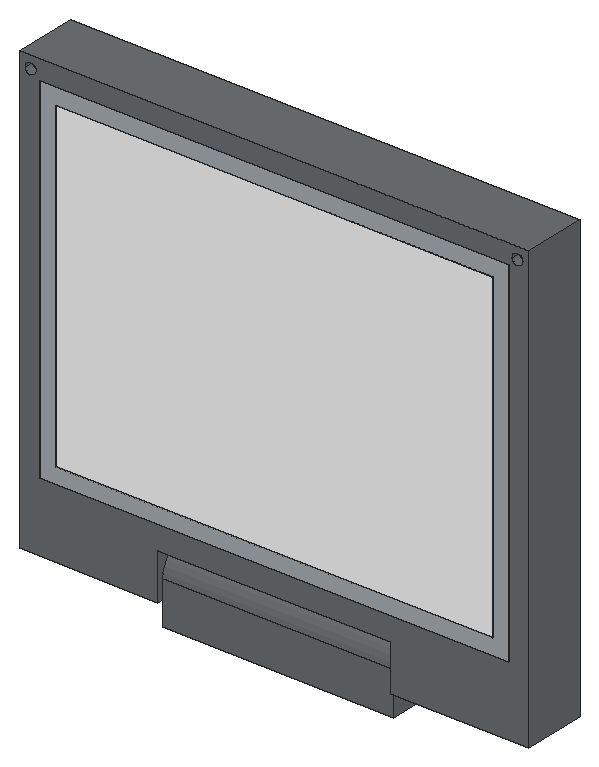
Revit family "Thorn AXYL FLOOD", category Lighting Fixtures, host Face, Revit 2023
Family settings
  Host = Face
  Round Connector Dimension = Use Diameter
  Part Type = Normal
  Cut with Voids When Loaded = No
  Light Source = No
  Maintain Annotation Orientation = No
  Shared = No
  Room Calculation Point = Yes
Parameters (values of type "AXYL FLOOD M 126L 927 AS HFX ANT")
  Wattage = "39.6"
  URL = "https://www.thornlighting.com/96801570"
  Type Image = TLG_AXYL_F_FLOOD_F_M_126L_ANT.jpg
  Type IFC Predefined Type = "DIRECTIONSOURCE"
  Type Comments = ""
  Photometric Type = Thorn-Light Sources-Axyl-Flood : AXYL FLOOD M 126L 927 AS HFX ANT
  Housing S = no
  Housing M = yes
  Power Factor = 0.97
  Power = 20.4 VA
  Model = "96801570"
  Material Housing = Zumtobel-Aluminium-RAL 7016-Anthracite Grey
  Manufacturer = "Thorn Lighting"  # constant formula
  Luminaire Width = if(Housing S, 220 mm, if(Housing M, 320 mm, 220 mm))  # 320 mm
  Luminaire Length = if(Housing S, 220 mm, if(Housing M, 295 mm, 220 mm))  # 295 mm
  Luminaire Height = if(Housing S, 34 mm, if(Housing M, 40 mm, 34 mm))  # 40 mm
  Lamp = "LED"  # constant formula
  Keynote = ""
  Export Type to IFC As = "IfcLightFixtureType"
  Efficacy = 121 lm/W
  Description = "Compact asymmetrical LED floodligh"  # constant formula
  Default Elevation = 0 mm  # constant formula
  D = 0 mm - (Luminaire Height / 2 + 0.5 mm)  # -20.5 mm
  Current = 0.5 A
  Body Type = if(Housing S, Axyl Flood Type S, if(Housing M, Axyl Flood Type M, Axyl Flood Type S))  # Axyl Flood Body : Axyl Flood M
  Axyl Flood Type S = Axyl Flood Body : Axyl Flood S
  Axyl Flood Type M = Axyl Flood Body : Axyl Flood M
  Axyl Flood Arm S = Axyl Flood Rotating Arm : Axyl Flood Arm S
  Axyl Flood Arm M = Axyl Flood Rotating Arm : Axyl Flood Arm M
  Assembly Code = "Pr_70_70_48_73"
  Arm Type = if(Housing S, Axyl Flood Arm S, if(Housing M, Axyl Flood Arm M, Axyl Flood Arm S))  # Axyl Flood Rotating Arm : Axyl Flood Arm M
  Apparent Load = Power / Power Factor  # 21.0309 VA
  Angle of Rotation [instance] = 0.00°
  Angle [instance] = if(Angle of Rotation + 90.00° > 180.00°, 180.00°, if(Angle of Rotation + 90.00° < 0.00°, 0.00°, Angle of Rotation + 90.00°))  # 90.00°
Types (24, lengths in mm): name | Wattage | URL | Type Image | Photometric Type | Housing S | Housing M | Model | Material Housing | Luminaire Width | Luminaire Length | Luminaire Height | D | Body Type | Arm Type
  AXYL FLOOD S 56L 927 AS HFX ANT | "18.6" | "https://www.thornlighting.com/96801558" | TLG_AXYL_F_FLOOD_F_S_56L_ANT.jpg | Thorn-Light Sources-Axyl-Flood : AXYL FLOOD S 56L 927 AS HFX ANT | yes | no | "96801558" | Zumtobel-Aluminium-RAL 7016-Anthracite Grey | 220 | 220 | 34 | -17.5 | Axyl Flood Body : Axyl Flood S | Axyl Flood Rotating Arm : Axyl Flood Arm S
  AXYL FLOOD S 56L 927 AS HFX BK | "18.6" | "https://www.thornlighting.com/96801556" | TLG_AXYL_F_FLOOD_F_S_56L_BK.jpg | Thorn-Light Sources-Axyl-Flood : AXYL FLOOD S 56L 927 AS HFX BK | yes | no | "96801556" | Thorn-Aluminium-RAL 9005-Jet Black | 220 | 220 | 34 | -17.5 | Axyl Flood Body : Axyl Flood S | Axyl Flood Rotating Arm : Axyl Flood Arm S
  AXYL FLOOD S 56L 927 AS HFX GY | "18.6" | "https://www.thornlighting.com/96801557" | TLG_AXYL_F_FLOOD_F_S_56L_GY.jpg | Thorn-Light Sources-Axyl-Flood : AXYL FLOOD S 56L 927 AS HFX GY | yes | no | "96801557" | Thorn-Aluminium-RAL 9006-White Aluminium | 220 | 220 | 34 | -17.5 | Axyl Flood Body : Axyl Flood S | Axyl Flood Rotating Arm : Axyl Flood Arm S
  AXYL FLOOD S 56L 927 AS HFX WH | "18.6" | "https://www.thornlighting.com/96801555" | TLG_AXYL_F_FLOOD_F_S_56L_WH.jpg | Thorn-Light Sources-Axyl-Flood : AXYL FLOOD S 56L 927 AS HFX WH | yes | no | "96801555" | Thorn-Aluminium-RAL 9016-Traffic White | 220 | 220 | 34 | -17.5 | Axyl Flood Body : Axyl Flood S | Axyl Flood Rotating Arm : Axyl Flood Arm S
  AXYL FLOOD S 56L 930 AS HFX ANT | "18.6" | "https://www.thornlighting.com/96801566" | TLG_AXYL_F_FLOOD_F_S_56L_ANT.jpg | Thorn-Light Sources-Axyl-Flood : AXYL FLOOD S 56L 930 AS HFX ANT | yes | no | "96801566" | Zumtobel-Aluminium-RAL 7016-Anthracite Grey | 220 | 220 | 34 | -17.5 | Axyl Flood Body : Axyl Flood S | Axyl Flood Rotating Arm : Axyl Flood Arm S
  AXYL FLOOD S 56L 930 AS HFX BK | "18.6" | "https://www.thornlighting.com/96801564" | TLG_AXYL_F_FLOOD_F_S_56L_BK.jpg | Thorn-Light Sources-Axyl-Flood : AXYL FLOOD S 56L 930 AS HFX BK | yes | no | "96801564" | Thorn-Aluminium-RAL 9005-Jet Black | 220 | 220 | 34 | -17.5 | Axyl Flood Body : Axyl Flood S | Axyl Flood Rotating Arm : Axyl Flood Arm S
  AXYL FLOOD S 56L 930 AS HFX GY | "18.6" | "https://www.thornlighting.com/96801565" | TLG_AXYL_F_FLOOD_F_S_56L_GY.jpg | Thorn-Light Sources-Axyl-Flood : AXYL FLOOD S 56L 930 AS HFX GY | yes | no | "96801565" | Thorn-Aluminium-RAL 9006-White Aluminium | 220 | 220 | 34 | -17.5 | Axyl Flood Body : Axyl Flood S | Axyl Flood Rotating Arm : Axyl Flood Arm S
  AXYL FLOOD S 56L 930 AS HFX WH | "18.6" | "https://www.thornlighting.com/96801563" | TLG_AXYL_F_FLOOD_F_S_56L_WH.jpg | Thorn-Light Sources-Axyl-Flood : AXYL FLOOD S 56L 930 AS HFX WH | yes | no | "96801563" | Thorn-Aluminium-RAL 9016-Traffic White | 220 | 220 | 34 | -17.5 | Axyl Flood Body : Axyl Flood S | Axyl Flood Rotating Arm : Axyl Flood Arm S
  AXYL FLOOD S 56L 940 AS HFX ANT | "18.6" | "https://www.thornlighting.com/96801562" | TLG_AXYL_F_FLOOD_F_S_56L_ANT.jpg | Thorn-Light Sources-Axyl-Flood : AXYL FLOOD S 56L 940 AS HFX ANT | yes | no | "96801562" | Zumtobel-Aluminium-RAL 7016-Anthracite Grey | 220 | 220 | 34 | -17.5 | Axyl Flood Body : Axyl Flood S | Axyl Flood Rotating Arm : Axyl Flood Arm S
  AXYL FLOOD S 56L 940 AS HFX BK | "18.6" | "https://www.thornlighting.com/96801560" | TLG_AXYL_F_FLOOD_F_S_56L_BK.jpg | Thorn-Light Sources-Axyl-Flood : AXYL FLOOD S 56L 940 AS HFX BK | yes | no | "96801560" | Thorn-Aluminium-RAL 9005-Jet Black | 220 | 220 | 34 | -17.5 | Axyl Flood Body : Axyl Flood S | Axyl Flood Rotating Arm : Axyl Flood Arm S
  AXYL FLOOD S 56L 940 AS HFX GY | "18.6" | "https://www.thornlighting.com/96801561" | TLG_AXYL_F_FLOOD_F_S_56L_GY.jpg | Thorn-Light Sources-Axyl-Flood : AXYL FLOOD S 56L 940 AS HFX GY | yes | no | "96801561" | Thorn-Aluminium-RAL 9006-White Aluminium | 220 | 220 | 34 | -17.5 | Axyl Flood Body : Axyl Flood S | Axyl Flood Rotating Arm : Axyl Flood Arm S
  AXYL FLOOD S 56L 940 AS HFX WH | "18.6" | "https://www.thornlighting.com/96801559" | TLG_AXYL_F_FLOOD_F_S_56L_WH.jpg | Thorn-Light Sources-Axyl-Flood : AXYL FLOOD S 56L 940 AS HFX WH | yes | no | "96801559" | Thorn-Aluminium-RAL 9016-Traffic White | 220 | 220 | 34 | -17.5 | Axyl Flood Body : Axyl Flood S | Axyl Flood Rotating Arm : Axyl Flood Arm S
  AXYL FLOOD M 126L 927 AS HFX ANT | "39.6" | "https://www.thornlighting.com/96801570" | TLG_AXYL_F_FLOOD_F_M_126L_ANT.jpg | Thorn-Light Sources-Axyl-Flood : AXYL FLOOD M 126L 927 AS HFX ANT | no | yes | "96801570" | Zumtobel-Aluminium-RAL 7016-Anthracite Grey | 320 | 295 | 40 | -20.5 | Axyl Flood Body : Axyl Flood M | Axyl Flood Rotating Arm : Axyl Flood Arm M
  AXYL FLOOD M 126L 927 AS HFX BK | "39.6" | "https://www.thornlighting.com/96801568" | TLG_AXYL_F_FLOOD_F_M_126L_BK.jpg | Thorn-Light Sources-Axyl-Flood : AXYL FLOOD M 126L 927 AS HFX BK | no | yes | "96801568" | Thorn-Aluminium-RAL 9005-Jet Black | 320 | 295 | 40 | -20.5 | Axyl Flood Body : Axyl Flood M | Axyl Flood Rotating Arm : Axyl Flood Arm M
  AXYL FLOOD M 126L 927 AS HFX GY | "39.6" | "https://www.thornlighting.com/96801569" | TLG_AXYL_F_FLOOD_F_M_126L_GY.jpg | Thorn-Light Sources-Axyl-Flood : AXYL FLOOD M 126L 927 AS HFX GY | no | yes | "96801569" | Thorn-Aluminium-RAL 9006-White Aluminium | 320 | 295 | 40 | -20.5 | Axyl Flood Body : Axyl Flood M | Axyl Flood Rotating Arm : Axyl Flood Arm M
  AXYL FLOOD M 126L 927 AS HFX WH | "39.6" | "https://www.thornlighting.com/96801567" | TLG_AXYL_F_FLOOD_F_M_126L_WH.jpg | Thorn-Light Sources-Axyl-Flood : AXYL FLOOD M 126L 927 AS HFX WH | no | yes | "96801567" | Thorn-Aluminium-RAL 9016-Traffic White | 320 | 295 | 40 | -20.5 | Axyl Flood Body : Axyl Flood M | Axyl Flood Rotating Arm : Axyl Flood Arm M
  AXYL FLOOD M 126L 930 AS HFX ANT | "39.6" | "https://www.thornlighting.com/96801578" | TLG_AXYL_F_FLOOD_F_M_126L_ANT.jpg | Thorn-Light Sources-Axyl-Flood : AXYL FLOOD M 126L 930 AS HFX ANT | no | yes | "96801578" | Zumtobel-Aluminium-RAL 7016-Anthracite Grey | 320 | 295 | 40 | -20.5 | Axyl Flood Body : Axyl Flood M | Axyl Flood Rotating Arm : Axyl Flood Arm M
  AXYL FLOOD M 126L 930 AS HFX BK | "39.6" | "https://www.thornlighting.com/96801576" | TLG_AXYL_F_FLOOD_F_M_126L_BK.jpg | Thorn-Light Sources-Axyl-Flood : AXYL FLOOD M 126L 930 AS HFX BK | no | yes | "96801576" | Thorn-Aluminium-RAL 9005-Jet Black | 320 | 295 | 40 | -20.5 | Axyl Flood Body : Axyl Flood M | Axyl Flood Rotating Arm : Axyl Flood Arm M
  AXYL FLOOD M 126L 930 AS HFX GY | "39.6" | "https://www.thornlighting.com/96801577" | TLG_AXYL_F_FLOOD_F_M_126L_GY.jpg | Thorn-Light Sources-Axyl-Flood : AXYL FLOOD M 126L 930 AS HFX GY | no | yes | "96801577" | Thorn-Aluminium-RAL 9006-White Aluminium | 320 | 295 | 40 | -20.5 | Axyl Flood Body : Axyl Flood M | Axyl Flood Rotating Arm : Axyl Flood Arm M
  AXYL FLOOD M 126L 930 AS HFX WH | "39.6" | "https://www.thornlighting.com/96801575" | TLG_AXYL_F_FLOOD_F_M_126L_WH.jpg | Thorn-Light Sources-Axyl-Flood : AXYL FLOOD M 126L 930 AS HFX WH | no | yes | "96801575" | Thorn-Aluminium-RAL 9016-Traffic White | 320 | 295 | 40 | -20.5 | Axyl Flood Body : Axyl Flood M | Axyl Flood Rotating Arm : Axyl Flood Arm M
  AXYL FLOOD M 126L 940 AS HFX ANT | "39.6" | "https://www.thornlighting.com/96801574" | TLG_AXYL_F_FLOOD_F_M_126L_ANT.jpg | Thorn-Light Sources-Axyl-Flood : AXYL FLOOD M 126L 940 AS HFX ANT | no | yes | "96801574" | Zumtobel-Aluminium-RAL 7016-Anthracite Grey | 320 | 295 | 40 | -20.5 | Axyl Flood Body : Axyl Flood M | Axyl Flood Rotating Arm : Axyl Flood Arm M
  AXYL FLOOD M 126L 940 AS HFX BK | "39.6" | "https://www.thornlighting.com/96801572" | TLG_AXYL_F_FLOOD_F_M_126L_BK.jpg | Thorn-Light Sources-Axyl-Flood : AXYL FLOOD M 126L 940 AS HFX BK | no | yes | "96801572" | Thorn-Aluminium-RAL 9005-Jet Black | 320 | 295 | 40 | -20.5 | Axyl Flood Body : Axyl Flood M | Axyl Flood Rotating Arm : Axyl Flood Arm M
  AXYL FLOOD M 126L 940 AS HFX GY | "39.6" | "https://www.thornlighting.com/96801573" | TLG_AXYL_F_FLOOD_F_M_126L_GY.jpg | Thorn-Light Sources-Axyl-Flood : AXYL FLOOD M 126L 940 AS HFX GY | no | yes | "96801573" | Thorn-Aluminium-RAL 9006-White Aluminium | 320 | 295 | 40 | -20.5 | Axyl Flood Body : Axyl Flood M | Axyl Flood Rotating Arm : Axyl Flood Arm M
  AXYL FLOOD M 126L 940 AS HFX WH | "39.6" | "https://www.thornlighting.com/96801571" | TLG_AXYL_F_FLOOD_F_M_126L_WH.jpg | Thorn-Light Sources-Axyl-Flood : AXYL FLOOD M 126L 940 AS HFX WH | no | yes | "96801571" | Thorn-Aluminium-RAL 9016-Traffic White | 320 | 295 | 40 | -20.5 | Axyl Flood Body : Axyl Flood M | Axyl Flood Rotating Arm : Axyl Flood Arm M
Reference planes
  plane 1 "Center (Front/Back)": y = 0
  plane 2: z = 0
  plane 3 "Center (Left/Right)": x = 0
  plane 4: x = -160
  plane 5: x = 160
  plane 6: y = 20
  plane 7: y = -20
Lines and regions (mm)
  reference lines
    curve 1: line (0, 0, 0) -> (0, 0, 26.993)
    curve 2: line (0, 0, 26.993) -> (0, -500, 26.993)
    curve 6: line (0, 0, 26.993) -> (0, 0, 426.993)
  model lines, style "InvisibleLines"
    curve 3: line (0, 0, 26.993) -> (0, -600, 26.993)
    curve 4: line (0, -600, 26.993) -> (34.202, -506.031, 26.993)
    curve 5: line (0, -600, 26.993) -> (-34.202, -506.031, 26.993)
Dimensions and locks
  equal spacing: plane 4, plane 3 "Center (Left/Right)", plane 5
  "Luminaire Width": plane 4 to plane 5
  equal spacing: plane 6, plane 1 "Center (Front/Back)", plane 7
  "Luminaire Height": plane 7 to plane 6
  "Angle": angle plane 1 "Center (Front/Back)" to curve 2
  locked: curve 2 to curve 6 (angle 90.00°)
  aligned and locked: plane 2 to host face
  aligned and locked: level to host face
  aligned and locked: plane 1 "Center (Front/Back)" to curve 1
  aligned and locked: curve 1 to curve 2
  aligned and locked: nested 3 to plane 3 "Center (Left/Right)"
Automatic sketch dimensions
  host sketch curve to host sketch curve = 2438.4 mm  (x2)
  curve 3 to curve 2 = 0 mm  (x2)
  curve 2 to curve 5 = 100 mm
  curve 2 to curve 4 = 6.031 mm
  curve 2 to curve 5 = 6.031 mm
  curve 5 to curve 2 = 34.202 mm
  curve 2 to curve 4 = 34.202 mm
  curve 1 to level = 0 mm
  level to curve 2 = 26.993 mm
Nested families
  nested 1: "Axyl Flood Rotating Arm" at (0, 0, 0) x (0, 1, 0) z (0, 0, 1), Material Housing <- "Material Housing", type <- "Arm Type", type "Axyl Flood Arm M"
    with Offset From Ceiling 0 mm, Material Housing Zumtobel-Aluminium-RAL 7016-Anthracite Grey, Housing yes
  nested 2: "Axyl Flood Body" at (0, 0, 0) x (0, 1, 0) z (0, 0, 1), Material Housing <- "Material Housing", type <- "Body Type", type "Axyl Flood M"
    with Offset From Ceiling 0 mm, Material Light Source Thorn-Plastic-Self Illuminated 4000K, Material Housing Zumtobel-Aluminium-RAL 7016-Anthracite Grey, Housing yes
  nested 3: "Thorn-Light Sources-Axyl-Flood" at (0, -20.5, 0) x (-1, 0, 0) z (0, 1, 0), built-in parameter 1001364 <- "D", type <- "Photometric Type", type "AXYL FLOOD M 126L 927 AS HFX ANT"
    with Reflector Direction Line Offset 600 mm, Light Distribution Offset 600 mm
Connectors
  electrical at (0, 0, 0), driven by "Apparent Load", driven by "Power Factor"
    settings: index 1, voltage 230 V, apparent load 21.0309 VA, apparent load phase1 0 VA, apparent load phase2 0 VA, apparent load phase3 0 VA, power factor 0.97, load classification "Lighting", number of poles 1, system type 30, power factor state 1, is connector primary yes, connector utility no, sub classification motor no, connector description ""
Definition of nested family "Axyl Flood Rotating Arm"
  Parameters (values of type "Axyl Flood Arm S")
    Set Type S = yes
    Set Type M = no
    Housing [instance] = yes
    Material Housing [instance] = none
    Offset From Ceiling [instance] = 0 mm
    Manufacturer = "Thorn Lighting"  # constant formula
    Default Elevation = 1219.2 mm
    C = 500 mm
    B = if(Set Type S, 90 mm, if(Set Type M, 145 mm, 90 mm))  # 90 mm
    Arm Connection Bolt = B + 2 mm  # 92 mm
    A = 1000 mm
  Types (4, lengths in mm): name | Set Type S | Set Type M | B | Arm Connection Bolt
    (no name) | yes | no | 90 | 92
    00 | yes | no | 90 | 92
    Axyl Flood Arm S | yes | no | 90 | 92
    Axyl Flood Arm M | no | yes | 145 | 147
  Reference planes
    plane 1 "Center (Front/Back)": y = 0
    plane 2: z = 0
    plane 3 "Center (Left/Right)": x = 0
    plane 4: x = -500
    plane 5: x = 500
    plane 6: y = 45
    plane 7: y = -45
    plane 8: z = 500
    plane 9: z = -500
    plane 10: z = 27
    plane 11: x = 0
    plane 12: y = -46
    plane 13: y = 46
  Forms (mm)
    Extrusion 1, solid, material <- "Material Housing"
      sketch origin (0, 0, 0) x (1, 0, 0) y (0, 0, 1)
        loop
          arc (17, 27) -> (0, 44) -> (-17, 27) r 17
          line (-17, 27) -> (-17, 0) -> (17, 0) -> (17, 27)
      from -45 to 45
    Extrusion 2, solid, material <- "Material Housing"
      sketch origin (0, 0, 0) x (1, 0, 0) y (0, 0, 1)
        loop
          circle (0, 27) r 3.5
      from -46 to 46
  Dimensions and locks
    equal spacing: plane 4, plane 3 "Center (Left/Right)", plane 5
    "A": plane 4 to plane 5
    equal spacing: plane 6, plane 1 "Center (Front/Back)", plane 7
    "B": plane 6 to plane 7
    "C": plane 8 to level
    "C": plane 9 to level
    equal spacing: plane 13, plane 1 "Center (Front/Back)", plane 12
    "Arm Connection Bolt": plane 13 to plane 12
    aligned and locked: level to plane 2
    aligned and locked: Extrusion 1 to plane 6
    aligned and locked: Extrusion 1 to plane 7
    aligned and locked: Extrusion 2 to plane 12
    aligned and locked: plane 13 to Extrusion 2
  Automatic sketch dimensions
    Extrusion 1 sketch curve to level = 0 mm
    Extrusion 1 sketch curve to plane 10 = 0 mm
    Extrusion 1 sketch curve to plane 3 "Center (Left/Right)" = 0 mm
    Extrusion 1 sketch curve to plane 3 "Center (Left/Right)" = 17 mm
    Extrusion 2 sketch curve to plane 3 "Center (Left/Right)" = 0 mm
    Extrusion 2 sketch curve to plane 10 = 0 mm
    radius of Extrusion 2 sketch curve = 3.5 mm
Definition of nested family "Axyl Flood Body"
  Parameters (values of type "Axyl Flood M")
    Width Arm Hole = if(Set Type S, 91 mm, if(Set Type M, 146 mm, 91 mm))  # 146 mm
    Set Type S = no
    Set Type M = yes
    Material Light Source [instance] = none
    Light Source Width = B - 25 mm  # 295 mm
    Light Source Height = C - 12.5 mm  # 282.5 mm
    Housing [instance] = yes
    Material Housing [instance] = none
    Offset From Ceiling [instance] = 0 mm
    Manufacturer = "Thorn Lighting"  # constant formula
    Default Elevation = 1219.2 mm
    C = if(Set Type S, 220 mm, if(Set Type M, 295 mm, 220 mm))  # 295 mm
    B = if(Set Type S, 220 mm, if(Set Type M, 320 mm, 220 mm))  # 320 mm
    A = if(Set Type S, 34 mm, if(Set Type M, 40 mm, 34 mm))  # 40 mm
  Types (3, lengths in mm): name | Width Arm Hole | Set Type S | Set Type M | Light Source Width | Light Source Height | C | B | A
    (no name) | 146 | no | yes | 295 | 282.5 | 295 | 320 | 40
    Axyl Flood S | 91 | yes | no | 195 | 207.5 | 220 | 220 | 34
    Axyl Flood M | 146 | no | yes | 295 | 282.5 | 295 | 320 | 40
  Reference planes
    plane 1 "Center (Front/Back)": y = 0
    plane 2: z = 0
    plane 3 "Center (Left/Right)": x = 0
    plane 4: x = -20
    plane 5: x = 20
    plane 6: y = 160
    plane 7: y = -160
    plane 8: z = 295
    plane 9: z = -500
    plane 10: y = 147.5
    plane 11: y = -147.5
    plane 12: z = 282.5
    plane 13: y = 73
    plane 14: z = 15
    plane 15: y = -73
  Forms (mm)
    Extrusion 1, solid, material <- "Material Housing"
      sketch origin (0, 0, 0) x (1, 0, 0) y (0, 1, 0)
        loop
          line (-20, -160) -> (20, -160) -> (20, 160) -> (-20, 160) -> (-20, -160)
      from 15 to 295
    Extrusion 2, solid, material <- "Material Light Source"
      sketch origin (0, 0, 0) x (1, 0, 0) y (0, 1, 0)
        loop
          line (-20, -147.5) -> (0, -147.5) -> (0, 147.5) -> (-20, 147.5) -> (-20, -147.5)
      from 59 to 282.5
    Extrusion 3, void
      sketch origin (0, 0, -2.5) x (1, 0, 0) y (0, 0, 1)
        loop
          line (-20, 29.5) -> (-20, 2.5) -> (20, 2.5) -> (20, 29.5) -> (20, 46.464) -> (-20, 46.464) -> (-20, 29.5)
      from -73 to 73
    Extrusion 4, void
      sketch origin (0, 0, 0) x (0, 1, 0) y (0, 0, 1)
        loop
          circle (153.045, 287.5) r 3.5
      from -24.175 to -14.319
    Extrusion 5, void
      sketch origin (0, 0, 0) x (0, -1, 0) y (0, 0, -1)
        loop
          circle (153.045, -287.5) r 3.5
      from -24.175 to -14.319
    Extrusion 6, void
      sketch origin (0, 0, 0) x (1, 0, 0) y (0, 1, 0)
        loop
          line (-41.186, -147.5) -> (0, -147.5) -> (0, 147.5) -> (-41.186, 147.5) -> (-41.186, -147.5)
      from 59 to 282.5
    Extrusion 7, solid
      sketch origin (0, 0, 0) x (0, 1, 0) y (0, 0, 1)
        loop
          line (147.5, 282.5) -> (-147.5, 282.5) -> (-147.5, 59) -> (147.5, 59) -> (147.5, 282.5)
        loop
          line (137.5, 69) -> (137.5, 272.5) -> (-137.5, 272.5) -> (-137.5, 69) -> (137.5, 69)
      from -20 to 0
    Extrusion 8, void
      sketch origin (0, 0, 0) x (0, 1, 0) y (0, 0, 1)
        loop
          line (147.5, 282.5) -> (-147.5, 282.5) -> (-147.5, 59) -> (147.5, 59) -> (147.5, 282.5)
        loop
          line (137.5, 69) -> (137.5, 272.5) -> (-137.5, 272.5) -> (-137.5, 69) -> (137.5, 69)
      from -90.445 to 0
  Cuts and joins
    Extrusion 3, Extrusion 4, Extrusion 5, Extrusion 6 cuts Extrusion 1
    Extrusion 8 cuts Extrusion 2
  Dimensions and locks
    equal spacing: plane 4, plane 3 "Center (Left/Right)", plane 5
    "A": plane 4 to plane 5
    equal spacing: plane 6, plane 1 "Center (Front/Back)", plane 7
    "B": plane 6 to plane 7
    "C": plane 8 to level
    Extrusion 1 to level = 295 mm
    equal spacing: plane 11, plane 1 "Center (Front/Back)", plane 10
    plane 11 to plane 10 = 295 mm
    "Light Source Height": plane 2 to plane 12
    locked: level to plane 14 at 15
    equal spacing: plane 10, plane 1 "Center (Front/Back)", plane 11
    "Light Source Width": plane 10 to plane 11
    equal spacing: plane 13, plane 1 "Center (Front/Back)", plane 15
    "Width Arm Hole": plane 13 to plane 15
    plane 5 to plane 4 = 40 mm
    locked: Extrusion 7 to Extrusion 7 at 10  (x3)
    locked: Extrusion 8 to Extrusion 8 at 10  (x3)
    aligned and locked: level to plane 2
    aligned and locked: plane 8 to Extrusion 1
    aligned and locked: plane 11 to Extrusion 2
    aligned and locked: Extrusion 2 to plane 10
    aligned and locked: Extrusion 2 to plane 12
    aligned and locked: plane 14 to cut or joined group of Extrusion 1, Extrusion 3, Extrusion 4, Extrusion 5, Extrusion 6
    aligned and locked: plane 15 to cut or joined group of Extrusion 1, Extrusion 3, Extrusion 4, Extrusion 5, Extrusion 6
    aligned and locked: cut or joined group of Extrusion 1, Extrusion 3, Extrusion 4, Extrusion 5, Extrusion 6 to plane 13
    aligned and locked: Extrusion 2 to plane 4
    aligned and locked: Extrusion 6 to plane 12
    aligned and locked: Extrusion 7 to plane 10
    aligned and locked: plane 11 to Extrusion 7
    aligned and locked: Extrusion 7 to plane 12
    aligned and locked: cut or joined group of Extrusion 2, Extrusion 8 to plane 4
    aligned and locked: Extrusion 7 to plane 4
  Automatic sketch dimensions
    Extrusion 1 sketch curve to plane 4 = 0 mm
    Extrusion 1 sketch curve to plane 5 = 0 mm
    Extrusion 1 sketch curve to plane 7 = 0 mm
    plane 6 to Extrusion 1 sketch curve = 0 mm
    Extrusion 2 sketch curve to plane 4 = 0 mm
    Extrusion 2 sketch curve to plane 3 "Center (Left/Right)" = 0 mm
    plane 11 to Extrusion 2 sketch curve = 0 mm
    plane 10 to Extrusion 2 sketch curve = 0 mm
    Extrusion 3 sketch curve to plane 4 = 0 mm
    plane 5 to Extrusion 3 sketch curve = 0 mm
    Extrusion 3 sketch curve to level = 0 mm
    Extrusion 3 sketch curve to plane 14 = 12 mm  (x2)
    plane 6 to Extrusion 4 sketch curve = 6.955 mm
    Extrusion 4 sketch curve to plane 8 = 7.5 mm
    plane 7 to Extrusion 5 sketch curve = 6.955 mm
    Extrusion 5 sketch curve to plane 8 = 7.5 mm
    Extrusion 3 sketch curve to Extrusion 3 sketch curve = 16.964 mm
    Extrusion 6 sketch curve to plane 4 = 21.186 mm
    Extrusion 6 sketch curve to plane 3 "Center (Left/Right)" = 0 mm
    plane 11 to Extrusion 6 sketch curve = 0 mm
    plane 10 to Extrusion 6 sketch curve = 0 mm
    Extrusion 7 sketch curve to plane 11 = 0 mm
    Extrusion 7 sketch curve to plane 10 = 0 mm
    Extrusion 7 sketch curve to plane 14 = 44 mm
    Extrusion 7 sketch curve to plane 11 = 10 mm
    Extrusion 7 sketch curve to Extrusion 7 sketch curve = 10 mm  (x2)
    plane 12 to Extrusion 7 sketch curve = 10 mm
    plane 12 to Extrusion 7 sketch curve = 0 mm
    Extrusion 8 sketch curve to plane 11 = 0 mm
    Extrusion 8 sketch curve to plane 10 = 0 mm
    plane 12 to Extrusion 8 sketch curve = 0 mm
    Extrusion 8 sketch curve to plane 11 = 10 mm
    plane 10 to Extrusion 8 sketch curve = 10 mm
    plane 12 to Extrusion 8 sketch curve = 10 mm
    Extrusion 8 sketch curve to plane 14 = 54 mm
    Extrusion 8 sketch curve to Extrusion 8 sketch curve = 10 mm
    radius of Extrusion 4 sketch curve = 3.5 mm
    radius of Extrusion 5 sketch curve = 3.5 mm
Definition of nested family "Thorn-Light Sources-Axyl-Flood"
  Parameters (values of type "AXYL FLOOD M 126L 927 AS HFX ANT")
    URL = "/"
    Type Comments = "/"
    Reflector Direction Line Offset [instance] = 600 mm
    Model = "96801570"
    Light Distribution Offset [instance] = 600 mm
    Wattage = 39.6529 W
    built-in parameter 1150110 = 1 (stored number, unit not read)
    built-in parameter 1114217 = 1 (stored number, unit not read)
    Tilt Angle = 0.00°  # constant formula
    built-in parameter 1150109 = 1 (stored number, unit not read)
    built-in parameter 1150134 = (empty or 0)
    built-in parameter 1150113 = 1 (stored number, unit not read)
    Power Factor = 0.97
    Photometric Web File = "96801570_(STD).IES"
    Manufacturer = "Thorn Lighting"  # constant formula
    Lumens = 4798 lm
    built-in parameter 1150115 = 1 (stored number, unit not read)
    built-in parameter 1150105 = 381.81 (stored number, unit not read)
    built-in parameter 1150137 = (empty or 0)
    built-in parameter 1150139 = (empty or 0)
    built-in parameter 1150112 = 1 (stored number, unit not read)
    built-in parameter 1150114 = 1 (stored number, unit not read)
    Lamp = "LED"
    Keynote = "/"
    built-in parameter 1150132 = 2
    built-in parameter 1150102 = (empty or 0)
    built-in parameter 1150138 = (empty or 0)
    built-in parameter 1150107 = 2700 (stored number, unit not read)
    built-in parameter 1150106 = 3.8181 (stored number, unit not read)
    Housing S = no
    Housing M = yes
    Emit from Rectangle Width = if(Housing S, 175 mm, if(Housing M, 275 mm, 175 mm))  # 275 mm
    Emit from Rectangle Length = if(Housing S, 128.5 mm, if(Housing M, 203.5 mm, 128.5 mm))  # 203.5 mm
    Emit Shape Visible in Rendering = no
    built-in parameter 1150104 = 11.241 (stored number, unit not read)
    Dimming Lamp Color Temperature Shift = (empty or 0)
    Description = "Light Source"  # constant formula
    Default Elevation = 0 mm  # constant formula
    D = if(Housing S, 133.3 mm, if(Housing M, 170.8 mm, 133.3 mm))  # 170.8 mm
    Color Filter = 16777215
    built-in parameter 1114218 = 1 (stored number, unit not read)
    built-in parameter 1150133 = 10 (stored number, unit not read)
    Apparent Load = 21.25 VA
  Types (24, lengths in mm): name | Model | Wattage | Photometric Web File | Lumens | built-in parameter 1150105 | built-in parameter 1150107 | built-in parameter 1150106 | Housing S | Housing M | Emit from Rectangle Width | Emit from Rectangle Length | built-in parameter 1150104 | D
    AXYL FLOOD S 56L 927 AS HFX ANT | "96801558" | 18.5182 W | "96801558_(STD).IES" | 2037 lm | 162.1 (stored number, unit not read) | 2700 (stored number, unit not read) | 1.621 (stored number, unit not read) | yes | no | 175 | 128.5 | 10.219 (stored number, unit not read) | 133.3
    AXYL FLOOD S 56L 927 AS HFX BK | "96801556" | 18.5182 W | "96801556_(STD).IES" | 2037 lm | 162.1 (stored number, unit not read) | 2700 (stored number, unit not read) | 1.621 (stored number, unit not read) | yes | no | 175 | 128.5 | 10.219 (stored number, unit not read) | 133.3
    AXYL FLOOD S 56L 927 AS HFX GY | "96801557" | 18.5182 W | "96801557_(STD).IES" | 2037 lm | 162.1 (stored number, unit not read) | 2700 (stored number, unit not read) | 1.621 (stored number, unit not read) | yes | no | 175 | 128.5 | 10.219 (stored number, unit not read) | 133.3
    AXYL FLOOD S 56L 927 AS HFX WH | "96801555" | 18.5182 W | "96801555_(STD).IES" | 2037 lm | 162.1 (stored number, unit not read) | 2700 (stored number, unit not read) | 1.621 (stored number, unit not read) | yes | no | 175 | 128.5 | 10.219 (stored number, unit not read) | 133.3
    AXYL FLOOD S 56L 930 AS HFX ANT | "96801566" | 18.5575 W | "96801566_(STD).IES" | 2097 lm | 166.87 (stored number, unit not read) | 3000 (stored number, unit not read) | 1.6687 (stored number, unit not read) | yes | no | 175 | 128.5 | 10.498 (stored number, unit not read) | 133.3
    AXYL FLOOD S 56L 930 AS HFX BK | "96801564" | 18.5575 W | "96801564_(STD).IES" | 2097 lm | 166.87 (stored number, unit not read) | 3000 (stored number, unit not read) | 1.6687 (stored number, unit not read) | yes | no | 175 | 128.5 | 10.498 (stored number, unit not read) | 133.3
    AXYL FLOOD S 56L 930 AS HFX GY | "96801565" | 18.5575 W | "96801565_(STD).IES" | 2097 lm | 166.87 (stored number, unit not read) | 3000 (stored number, unit not read) | 1.6687 (stored number, unit not read) | yes | no | 175 | 128.5 | 10.498 (stored number, unit not read) | 133.3
    AXYL FLOOD S 56L 930 AS HFX WH | "96801563" | 18.5575 W | "96801563_(STD).IES" | 2097 lm | 166.87 (stored number, unit not read) | 3000 (stored number, unit not read) | 1.6687 (stored number, unit not read) | yes | no | 175 | 128.5 | 10.498 (stored number, unit not read) | 133.3
    AXYL FLOOD S 56L 940 AS HFX ANT | "96801562" | 18.6522 W | "96801562_(STD).IES" | 2145 lm | 170.69 (stored number, unit not read) | 4000 (stored number, unit not read) | 1.7069 (stored number, unit not read) | yes | no | 175 | 128.5 | 10.684 (stored number, unit not read) | 133.3
    AXYL FLOOD S 56L 940 AS HFX BK | "96801560" | 18.6522 W | "96801560_(STD).IES" | 2145 lm | 170.69 (stored number, unit not read) | 4000 (stored number, unit not read) | 1.7069 (stored number, unit not read) | yes | no | 175 | 128.5 | 10.684 (stored number, unit not read) | 133.3
    AXYL FLOOD S 56L 940 AS HFX GY | "96801561" | 18.6522 W | "96801561_(STD).IES" | 2145 lm | 170.69 (stored number, unit not read) | 4000 (stored number, unit not read) | 1.7069 (stored number, unit not read) | yes | no | 175 | 128.5 | 10.684 (stored number, unit not read) | 133.3
    AXYL FLOOD S 56L 940 AS HFX WH | "96801559" | 18.6522 W | "96801559_(STD).IES" | 2145 lm | 170.69 (stored number, unit not read) | 4000 (stored number, unit not read) | 1.7069 (stored number, unit not read) | yes | no | 175 | 128.5 | 10.684 (stored number, unit not read) | 133.3
    AXYL FLOOD M 126L 927 AS HFX ANT | "96801570" | 39.6529 W | "96801570_(STD).IES" | 4798 lm | 381.81 (stored number, unit not read) | 2700 (stored number, unit not read) | 3.8181 (stored number, unit not read) | no | yes | 275 | 203.5 | 11.241 (stored number, unit not read) | 170.8
    AXYL FLOOD M 126L 927 AS HFX BK | "96801568" | 39.6529 W | "96801568_(STD).IES" | 4798 lm | 381.81 (stored number, unit not read) | 2700 (stored number, unit not read) | 3.8181 (stored number, unit not read) | no | yes | 275 | 203.5 | 11.241 (stored number, unit not read) | 170.8
    AXYL FLOOD M 126L 927 AS HFX GY | "96801569" | 39.6529 W | "96801569_(STD).IES" | 4798 lm | 381.81 (stored number, unit not read) | 2700 (stored number, unit not read) | 3.8181 (stored number, unit not read) | no | yes | 275 | 203.5 | 11.241 (stored number, unit not read) | 170.8
    AXYL FLOOD M 126L 927 AS HFX WH | "96801567" | 39.6529 W | "96801567_(STD).IES" | 4798 lm | 381.81 (stored number, unit not read) | 2700 (stored number, unit not read) | 3.8181 (stored number, unit not read) | no | yes | 275 | 203.5 | 11.241 (stored number, unit not read) | 170.8
    AXYL FLOOD M 126L 930 AS HFX ANT | "96801578" | 39.512 W | "96801578_(STD).IES" | 4939 lm | 393.03 (stored number, unit not read) | 3000 (stored number, unit not read) | 3.9303 (stored number, unit not read) | no | yes | 275 | 203.5 | 11.613 (stored number, unit not read) | 170.8
    AXYL FLOOD M 126L 930 AS HFX BK | "96801576" | 39.512 W | "96801576_(STD).IES" | 4939 lm | 393.03 (stored number, unit not read) | 3000 (stored number, unit not read) | 3.9303 (stored number, unit not read) | no | yes | 275 | 203.5 | 11.613 (stored number, unit not read) | 170.8
    AXYL FLOOD M 126L 930 AS HFX GY | "96801577" | 39.512 W | "96801577_(STD).IES" | 4939 lm | 393.03 (stored number, unit not read) | 3000 (stored number, unit not read) | 3.9303 (stored number, unit not read) | no | yes | 275 | 203.5 | 11.613 (stored number, unit not read) | 170.8
    AXYL FLOOD M 126L 930 AS HFX WH | "96801575" | 39.512 W | "96801575_(STD).IES" | 4939 lm | 393.03 (stored number, unit not read) | 3000 (stored number, unit not read) | 3.9303 (stored number, unit not read) | no | yes | 275 | 203.5 | 11.613 (stored number, unit not read) | 170.8
    AXYL FLOOD M 126L 940 AS HFX ANT | "96801574" | 39.4688 W | "96801574_(STD).IES" | 5052 lm | 402.03 (stored number, unit not read) | 4000 (stored number, unit not read) | 4.0203 (stored number, unit not read) | no | yes | 275 | 203.5 | 11.892 (stored number, unit not read) | 170.8
    AXYL FLOOD M 126L 940 AS HFX BK | "96801572" | 39.4688 W | "96801572_(STD).IES" | 5052 lm | 402.03 (stored number, unit not read) | 4000 (stored number, unit not read) | 4.0203 (stored number, unit not read) | no | yes | 275 | 203.5 | 11.892 (stored number, unit not read) | 170.8
    AXYL FLOOD M 126L 940 AS HFX GY | "96801573" | 39.4688 W | "96801573_(STD).IES" | 5052 lm | 402.03 (stored number, unit not read) | 4000 (stored number, unit not read) | 4.0203 (stored number, unit not read) | no | yes | 275 | 203.5 | 11.892 (stored number, unit not read) | 170.8
    AXYL FLOOD M 126L 940 AS HFX WH | "96801571" | 39.4688 W | "96801571_(STD).IES" | 5052 lm | 402.03 (stored number, unit not read) | 4000 (stored number, unit not read) | 4.0203 (stored number, unit not read) | no | yes | 275 | 203.5 | 11.892 (stored number, unit not read) | 170.8
  Reference planes
    plane 1 "Light Source Axis (F/B)": y = 0
    plane 2: z = 0
    plane 3 "Light Source Axis (L/R)": x = 0
    plane 4 "Light Source Elevation": z = 0
    plane 5: y = 170.8
  Lines and regions (mm)
    model lines
      curve 1: line (-10, 0, 0) -> (10, 0, 0)
  Dimensions and locks
    "D": plane 5 to plane 1 "Light Source Axis (F/B)"
    aligned and locked: level to plane 2
    aligned and locked: plane 4 "Light Source Elevation" to plane 2
    aligned and locked: imposter light to plane 5
    aligned and locked: plane 3 "Light Source Axis (L/R)" to imposter light
    aligned and locked: plane 1 "Light Source Axis (F/B)" to curve 1
  Automatic sketch dimensions
    curve 1 to plane 3 "Light Source Axis (L/R)" = 10 mm
    curve 1 to curve 1 = 20 mm
